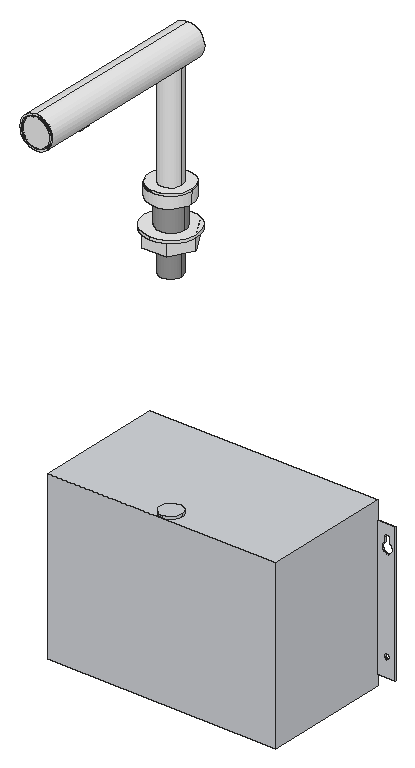
Revit family "DAN DRYER TAPS Airtap deck-mounted hand dryer touch-less 370", category Electrical Equipment, host Face, Revit 2018
Family settings
  Host = Face
  Panel Configuration = Two Columns, Circuits Across
  Round Connector Dimension = Use Diameter
  Part Type = Panelboard
  Cut with Voids When Loaded = Yes
  Shared = No
  Room Calculation Point = No
Parameters (values of type "AirTap deck-mounted 370")
  URL = "https://www.dandryer.com/en-us/products/dan-dryer-taps/370-airtap-deck-mounted-hand-dryer--touch-less"
  Plate thickness [instance] = 30 mm
  Model = "DAN DRYER AIRTAP DECK-MOUNTED HAND DRYER TOUCH-LESS 370"
  Manufacturer = "https://www.dandryer.com/"
  Enginebox Offset From Center [instance] = 0 mm
  EngineOffset [instance] = if(Enginebox Offset From Center < -20 mm, 0 mm, if(Enginebox Offset From Center > 20 mm, 40 mm, Enginebox Offset From Center + 20 mm))  # 20 mm
  Distance below deck [instance] = if(DistBelow < 300 mm, 300 mm, if(DistBelow > 320 mm, 320 mm, DistBelow))  # 300 mm
  Distance Center Vertical pipe - Backplate Engine [instance] = 135 mm
  DistBelow [instance] = 300 mm
  Default Elevation = 0 mm
Reference planes
  plane 1 "Center (Front/Back)": y = 0
  plane 2: z = 0
  plane 3 "Center (Left/Right)": x = 0
  plane 4 "Backplate": y = 135
  plane 5: x = -20
  plane 6 "top engine": z = -330
Dimensions and locks
  locked: plane 5 to plane 3 "Center (Left/Right)" at 20
  "DistBelow": nested 1 to plane 6 "top engine"
  "Distance below deck": nested 1 to nested 2
  "Distance Center Vertical pipe - Backplate Engine": plane 4 "Backplate" to plane 1 "Center (Front/Back)"
  "EngineOffset": plane 5 to nested 2
  aligned and locked: plane 2 to host face
  aligned and locked: level to host face
  aligned and locked: plane 1 "Center (Front/Back)" to nested 1
  aligned and locked: plane 3 "Center (Left/Right)" to nested 1
  aligned and locked: nested 2 to plane 4 "Backplate"
Automatic sketch dimensions
  host sketch curve to host sketch curve = 2438.4 mm  (x2)
Nested families
  nested 1: "Airflow deck" at (0, 0, 0), Offset <- "Plate thickness", type "Airflow deck"
    with Offset 30 mm
  nested 2: "Enginebox" at (0, 135, -416.5) x (1, 0, 0) z (0, -1, 0), type "Enginebox"
Connectors
  electrical at (104, 134, -401)
    settings: on nested 2, index 1, voltage 230 V, apparent load 0 VA, apparent load phase1 1000 VA, apparent load phase2 0 VA, apparent load phase3 0 VA, power factor 1, load classification "Other", number of poles 1, system type 31, power factor state 1, is connector primary yes, connector utility no, sub classification motor no, connector description ""
  electrical at (119, 125, -523)
    settings: on nested 2, index 2, voltage 230 V, apparent load 0 VA, apparent load phase1 1000 VA, apparent load phase2 0 VA, apparent load phase3 0 VA, power factor 1, load classification "Other", number of poles 1, system type 31, power factor state 1, is connector primary no, connector utility no, sub classification motor no, connector description ""
Definition of nested family "Airflow deck"
  Parameters (values of type "Airflow deck")
    Satin Stainless Steel = none
    Red Ring = none
    Offset [instance] = 30 mm
    Default Elevation = 0 mm
    Black Rubber = none
    Black = none
    Airpipe = none
  Reference planes
    plane 1 "Center (Front/Back)": y = 0
    plane 2: z = 0
    plane 3 "Center (Left/Right)": x = 0
    plane 4: x = 5
    plane 5: x = -5
    plane 6 "Start washer/nut": z = -30
    plane 7 "Rear edge": y = 25
    plane 8: z = 151
    plane 9 "Center tube": z = 151
  Forms (mm)
    Extrusion 1, solid
      sketch origin (0, 0, 0) x (1, 0, 0) y (0, 1, 0)
        loop
          line (-1219.2, 1219.2) -> (-1219.2, -1219.2) -> (1219.2, -1219.2) -> (1219.2, 1219.2) -> (-1219.2, 1219.2)
      from 0 to -304.8
    Extrusion 2, solid, material <- "Satin Stainless Steel"
      sketch origin (0, 0, 0) x (1, 0, 0) y (0, 1, 0)
        loop
          circle (0, 0) r 12.5
      from 0 to 151
    Extrusion 3, solid, material <- "Satin Stainless Steel"
      sketch origin (0, 0, 0) x (1, 0, 0) y (0, 1, 0)
        loop
          circle (0, 0) r 24.4
      from 0 to 15
    Extrusion 4, solid, material <- "Satin Stainless Steel"
      sketch origin (0, 0, 0) x (1, 0, 0) y (0, 1, 0)
        loop
          circle (0, 0) r 25
        loop
          circle (0, 0) r 24.5
      from 0 to 13
    Extrusion 5, solid, material <- "Black"
      sketch origin (0, 0, 0) x (1, 0, 0) y (0, 1, 0)
        loop
          circle (0, 0) r 16
      from 0 to -50
    Extrusion 6, solid, material <- "Satin Stainless Steel"
      sketch origin (0, 0, -30) x (0, 1, 0) y (-1, 0, 0)
        loop
          circle (0, 0) r 30
        loop
          circle (0, 0) r 16
      from 0 to -3
    Extrusion 7, solid, material <- "Satin Stainless Steel"
      sketch origin (0, 0, -30) x (0, 1, 0) y (-1, 0, 0)
        loop
          line (25.071, -13.897) -> (24.571, 14.764) -> (-0.5, 28.661) -> (-25.071, 13.897) -> (-24.571, -14.764) -> (0.5, -28.661) -> (25.071, -13.897)
        loop
          circle (0, 0) r 16
      from 0 to -18
    Extrusion 8, solid, material <- "Airpipe"
      sketch origin (0, 0, 0) x (1, 0, 0) y (0, 1, 0)
        loop
          circle (0, 0) r 12.5
      from 0 to -80
    Extrusion 9, solid, material <- "Satin Stainless Steel"
      sketch origin (0, 25, 0) x (0, 0, 1) y (-1, 0, 0)
        loop
          circle (151, 0) r 19
      from 0 to 220
    Extrusion 10, void
      sketch origin (0, 0, 151) x (0, 1, 0) y (-1, 0, 0)
        loop
          line (-100, 5) -> (-128, 5) -> (-128, 6.025)
          arc (-128, 6.025) -> (-128.871, 8.129) -> (-130.975, 9) r 2.975
          line (-130.975, 9) -> (-139, 9)
          arc (-139, 9) -> (-141.121, 8.121) -> (-142, 6) r 3
          line (-142, 6) -> (-142, 5) -> (-170, 5)
          arc (-170, 5) -> (-175, 0) -> (-170, -5) r 5
          line (-170, -5) -> (-142, -5) -> (-142, -6)
          arc (-142, -6) -> (-141.121, -8.121) -> (-139, -9) r 3
          line (-139, -9) -> (-131.017, -9)
          arc (-131.017, -9) -> (-128.884, -8.116) -> (-128, -5.983) r 3.017
          line (-128, -5.983) -> (-128, -5) -> (-100, -5)
          arc (-100, -5) -> (-95, 0) -> (-100, 5) r 5
      from -30 to 0
    Extrusion 11, solid, material <- "Black Rubber"
      sketch origin (0, 0, 151) x (0, 1, 0) y (-1, 0, 0)
        loop
          line (-129.802, -3.201) -> (-100.002, -3.201)
          arc (-100.002, -3.201) -> (-96.802, -0.001) -> (-100.002, 3.199) r 3.2
          line (-100.002, 3.199) -> (-129.802, 3.199) -> (-129.802, 6.025)
          arc (-129.802, 6.025) -> (-130.146, 6.855) -> (-130.976, 7.199) r 1.175
          line (-130.976, 7.199) -> (-139.002, 7.199)
          arc (-139.002, 7.199) -> (-139.85, 6.848) -> (-140.202, 5.999) r 1.2
          line (-140.202, 5.999) -> (-140.202, 3.199) -> (-170.002, 3.199)
          arc (-170.002, 3.199) -> (-173.202, -0.001) -> (-170.002, -3.201) r 3.2
          line (-170.002, -3.201) -> (-140.202, -3.201) -> (-140.202, -6.001)
          arc (-140.202, -6.001) -> (-139.85, -6.849) -> (-139.002, -7.201) r 1.2
          line (-139.002, -7.201) -> (-131.018, -7.201)
          arc (-131.018, -7.201) -> (-130.158, -6.844) -> (-129.802, -5.984) r 1.217
          line (-129.802, -5.984) -> (-129.802, -3.201)
        loop
          line (-128.502, -5.984) -> (-128.502, -4.501) -> (-100.002, -4.501)
          arc (-100.002, -4.501) -> (-95.502, -0.001) -> (-100.002, 4.499) r 4.5
          line (-100.002, 4.499) -> (-128.502, 4.499) -> (-128.502, 6.025)
          arc (-128.502, 6.025) -> (-129.226, 7.775) -> (-130.976, 8.499) r 2.475
          line (-130.976, 8.499) -> (-139.002, 8.499)
          arc (-139.002, 8.499) -> (-140.769, 7.767) -> (-141.502, 5.999) r 2.5
          line (-141.502, 5.999) -> (-141.502, 4.499) -> (-170.002, 4.499)
          arc (-170.002, 4.499) -> (-174.502, -0.001) -> (-170.002, -4.501) r 4.5
          line (-170.002, -4.501) -> (-141.502, -4.501) -> (-141.502, -6.001)
          arc (-141.502, -6.001) -> (-140.769, -7.768) -> (-139.002, -8.501) r 2.5
          line (-139.002, -8.501) -> (-131.018, -8.501)
          arc (-131.018, -8.501) -> (-129.239, -7.764) -> (-128.502, -5.984) r 2.517
      from 0 to -30
    Extrusion 12, void
      sketch origin (0, 0, 0) x (1, 0, 0) y (0, 0, 1)
        loop
          arc (15.778, 138.089) -> (1.216, 130.535) -> (-14.222, 136.079) r 20.5
          line (-14.222, 136.079) -> (-14.222, 98.089) -> (15.778, 98.089) -> (15.778, 138.089)
      from 180.442 to 90.503
    Extrusion 13, void
      sketch origin (0, 25, 0) x (0, 0, 1) y (-1, 0, 0)
        loop
          circle (151, 0) r 17.5
        loop
          circle (151, 0) r 16
      from 218 to 222
    Extrusion 14, solid, material <- "Red Ring"
      sketch origin (0, 25, 0) x (0, 0, 1) y (-1, 0, 0)
        loop
          circle (151, 0) r 17.5
        loop
          circle (151, 0) r 16
      from 218 to 219.5
  Cuts and joins
    Extrusion 12, Extrusion 13 cuts Extrusion 2
    Extrusion 12, Extrusion 13 cuts Extrusion 3
    Extrusion 10, Extrusion 12, Extrusion 13 cuts Extrusion 9
    joined: Extrusion 2, Extrusion 3, Extrusion 9
    joined: Extrusion 6, Extrusion 7
    Extrusion 12 cuts Extrusion 11
  Dimensions and locks
    plane 4 to plane 3 "Center (Left/Right)" = 5 mm
    plane 3 "Center (Left/Right)" to plane 5 = 5 mm
    "Offset": level to plane 6 "Start washer/nut"
    level to plane 8 = 151 mm
    plane 7 "Rear edge" to plane 1 "Center (Front/Back)" = 25 mm
    plane 9 "Center tube" to level = 151 mm
    radius of Extrusion 9 sketch curve = 19 mm
    aligned and locked: plane 2 to Extrusion 1
    aligned and locked: level to Extrusion 1
    aligned and locked: plane 9 "Center tube" to Extrusion 10
  Automatic sketch dimensions
    Extrusion 1 sketch curve to Extrusion 1 sketch curve = 2438.4 mm  (x2)
    plane 1 "Center (Front/Back)" to Extrusion 2 sketch curve = 0 mm
    Extrusion 2 sketch curve to plane 3 "Center (Left/Right)" = 0 mm
    plane 1 "Center (Front/Back)" to Extrusion 3 sketch curve = 0 mm
    Extrusion 3 sketch curve to plane 3 "Center (Left/Right)" = 0 mm
    Extrusion 4 sketch curve to Extrusion 4 sketch curve = 0 mm  (x2)
    plane 1 "Center (Front/Back)" to Extrusion 4 sketch curve = 0 mm
    Extrusion 4 sketch curve to plane 3 "Center (Left/Right)" = 0 mm
    plane 1 "Center (Front/Back)" to Extrusion 5 sketch curve = 0 mm
    Extrusion 5 sketch curve to plane 3 "Center (Left/Right)" = 0 mm
    plane 1 "Center (Front/Back)" to Extrusion 7 sketch curve = 0 mm
    Extrusion 7 sketch curve to plane 3 "Center (Left/Right)" = 0 mm
    plane 1 "Center (Front/Back)" to Extrusion 7 sketch curve = 0.5 mm
    plane 4 to Extrusion 7 sketch curve = 9.764 mm
    plane 1 "Center (Front/Back)" to Extrusion 7 sketch curve = 24.571 mm
    Extrusion 7 sketch curve to plane 5 = 8.897 mm
    plane 1 "Center (Front/Back)" to Extrusion 7 sketch curve = 25.071 mm
    Extrusion 7 sketch curve to plane 1 "Center (Front/Back)" = 0.5 mm
    Extrusion 7 sketch curve to plane 5 = 9.764 mm
    Extrusion 7 sketch curve to plane 1 "Center (Front/Back)" = 24.571 mm
    plane 4 to Extrusion 7 sketch curve = 8.897 mm
    Extrusion 7 sketch curve to plane 1 "Center (Front/Back)" = 25.071 mm
    plane 4 to Extrusion 7 sketch curve = 23.661 mm
    Extrusion 7 sketch curve to plane 5 = 23.661 mm
    Extrusion 6 sketch curve to Extrusion 6 sketch curve = 0 mm  (x2)
    plane 1 "Center (Front/Back)" to Extrusion 6 sketch curve = 0 mm
    Extrusion 6 sketch curve to plane 3 "Center (Left/Right)" = 0 mm
    plane 1 "Center (Front/Back)" to Extrusion 8 sketch curve = 0 mm
    Extrusion 8 sketch curve to plane 3 "Center (Left/Right)" = 0 mm
    Extrusion 9 sketch curve to plane 3 "Center (Left/Right)" = 0 mm
    Extrusion 9 sketch curve to plane 8 = 0 mm
    Extrusion 10 sketch curve to plane 4 = 0 mm  (x2)
    Extrusion 10 sketch curve to plane 5 = 0 mm  (x2)
    plane 1 "Center (Front/Back)" to Extrusion 10 sketch curve = 170 mm
    Extrusion 10 sketch curve to Extrusion 10 sketch curve = 28 mm  (x2)
    Extrusion 10 sketch curve to Extrusion 10 sketch curve = 0 mm
    Extrusion 10 sketch curve to plane 5 = 1 mm
    Extrusion 10 sketch curve to Extrusion 10 sketch curve = 3 mm  (x2)
    plane 4 to Extrusion 10 sketch curve = 1 mm
    plane 4 to Extrusion 10 sketch curve = 0.983 mm
    Extrusion 10 sketch curve to Extrusion 10 sketch curve = 7.983 mm
    Extrusion 10 sketch curve to Extrusion 10 sketch curve = 8.025 mm
    Extrusion 10 sketch curve to plane 5 = 1.025 mm
    Extrusion 11 sketch curve to Extrusion 11 sketch curve = 0 mm  (x14)
    Extrusion 11 sketch curve to plane 4 = 9.499 mm
    plane 1 "Center (Front/Back)" to Extrusion 11 sketch curve = 170.002 mm
    Extrusion 11 sketch curve to Extrusion 11 sketch curve = 28.5 mm  (x2)
    Extrusion 11 sketch curve to Extrusion 11 sketch curve = 1.3 mm  (x4)
    Extrusion 11 sketch curve to Extrusion 11 sketch curve = 1.2 mm  (x2)
    Extrusion 11 sketch curve to Extrusion 11 sketch curve = 7.983 mm
    Extrusion 11 sketch curve to Extrusion 11 sketch curve = 8.025 mm
    Extrusion 11 sketch curve to Extrusion 11 sketch curve = 1.175 mm
    Extrusion 11 sketch curve to Extrusion 11 sketch curve = 1.217 mm
    Extrusion 11 sketch curve to Extrusion 11 sketch curve = 3.2 mm  (x2)
    Extrusion 11 sketch curve to Extrusion 11 sketch curve = 1.483 mm
    Extrusion 11 sketch curve to Extrusion 11 sketch curve = 1.5 mm
    Extrusion 12 sketch curve to plane 5 = 9.222 mm
    Extrusion 12 sketch curve to plane 3 "Center (Left/Right)" = 0.154 mm
    Extrusion 12 sketch curve to plane 9 "Center tube" = 12.911 mm
    plane 4 to Extrusion 12 sketch curve = 10.778 mm
    Extrusion 12 sketch curve to Extrusion 12 sketch curve = 2.01 mm
    Extrusion 13 sketch curve to Extrusion 13 sketch curve = 0 mm  (x2)
    Extrusion 13 sketch curve to plane 3 "Center (Left/Right)" = 0 mm
    Extrusion 13 sketch curve to plane 9 "Center tube" = 0 mm
    Extrusion 14 sketch curve to Extrusion 14 sketch curve = 0 mm  (x2)
    Extrusion 14 sketch curve to plane 3 "Center (Left/Right)" = 0 mm
    Extrusion 14 sketch curve to plane 9 "Center tube" = 0 mm
    Extrusion 12 sketch curve to Extrusion 12 sketch curve = 40 mm
    radius of Extrusion 2 sketch curve = 12.5 mm
    radius of Extrusion 3 sketch curve = 24.4 mm
    radius of Extrusion 4 sketch curve = 25 mm
    radius of Extrusion 4 sketch curve = 24.5 mm
    radius of Extrusion 5 sketch curve = 16 mm
    radius of Extrusion 7 sketch curve = 16 mm
    radius of Extrusion 6 sketch curve = 30 mm
    radius of Extrusion 6 sketch curve = 16 mm
    radius of Extrusion 8 sketch curve = 12.5 mm
    radius of Extrusion 13 sketch curve = 17.5 mm
    radius of Extrusion 13 sketch curve = 16 mm
    radius of Extrusion 14 sketch curve = 17.5 mm
    radius of Extrusion 14 sketch curve = 16 mm
Definition of nested family "Enginebox"
  Parameters (values of type "Enginebox")
    Intake = none
    Engine_Shield = none
    Default Elevation = 1219.2 mm
    Airpipe = none
  Reference planes
    plane 1 "Center (Front/Back)": y = 0
    plane 2: z = 0
    plane 3 "Center (Left/Right)": x = 0
    plane 4: y = 52.5
    plane 5: y = -71.5
    plane 6: x = -144.5
    plane 7: x = 144.5
    plane 8: x = 104
    plane 9: y = 15.5
    plane 10: x = 104
    plane 11: y = 15.5
    plane 12: z = 10
    plane 13: x = 119
  Forms (mm)
    Extrusion 1, solid
      sketch origin (0, 0, 0) x (1, 0, 0) y (0, 1, 0)
        loop
          line (-1219.2, 1219.2) -> (-1219.2, -1219.2) -> (1219.2, -1219.2) -> (1219.2, 1219.2) -> (-1219.2, 1219.2)
      from 0 to -304.8
    Extrusion 2, solid, material <- "Engine_Shield"
      sketch origin (0, 0, 0) x (1, 0, 0) y (0, 1, 0)
        loop
          line (-132, 86.5) -> (-132, -106.5) -> (132, -106.5) -> (132, 86.5) -> (-132, 86.5)
      from 0 to 148
    Extrusion 3, solid, material <- "Engine_Shield"
      sketch origin (0, 0, 0) x (1, 0, 0) y (0, 1, 0)
        loop
          line (-153, 66.437) -> (-153, -93.563) -> (153, -93.563) -> (153, 66.437) -> (-153, 66.437)
        loop
          circle (-144.5, -71.5) r 3
        loop
          arc (-141.502, 52.605) -> (-144.552, 55.5) -> (-147.5, 52.5) r 3
          line (-147.5, 52.5) -> (-147.5, 46.639)
          arc (-147.5, 46.639) -> (-144.499, 35.443) -> (-141.502, 46.64) r 6
          line (-141.502, 46.64) -> (-141.502, 52.605)
        loop
          arc (147.5, 52.5) -> (144.5, 55.5) -> (141.5, 52.5) r 3
          line (141.5, 52.5) -> (141.5, 46.639)
          arc (141.5, 46.639) -> (144.5, 35.443) -> (147.5, 46.639) r 6
          line (147.5, 46.639) -> (147.5, 52.5)
        loop
          circle (144.5, -71.5) r 3
        loop
          circle (104, 15.5) r 8
      from 0 to 1
    Extrusion 4, void
      sketch origin (0, 0, 0) x (1, 0, 0) y (0, 1, 0)
        loop
          line (-131, 85.5) -> (-131, -105.5) -> (131, -105.5) -> (131, 85.5) -> (-131, 85.5)
      from 0 to 147
    Extrusion 5, void
      sketch origin (0, 0, 0) x (1, 0, 0) y (0, 0, 1)
        loop
          circle (54.286, 66.526) r 60
      from 0 to 500
    Extrusion 6, solid, material <- "Intake"
      sketch origin (0, 0, 0) x (1, 0, 0) y (0, 0, 1)
        loop
          circle (54.286, 66.526) r 60
        loop
          circle (54.286, 66.526) r 59
      from 106.5 to 115.57
    Extrusion 7, void
      sketch origin (0, 0, 0) x (1, 0, 0) y (0, 0, 1)
        loop
          arc (127, 10) -> (119, 18) -> (111, 10) r 8
          line (111, 10) -> (111, 0) -> (127, 0) -> (127, 10)
      from 105.5 to 106.5
    Extrusion 8, solid
      sketch origin (0, 0, 0) x (1, 0, 0) y (0, 0, 1)
        loop
          circle (119, 10) r 8
      from 105.5 to 106.5
    Extrusion 9, solid
      sketch origin (0, 0, 0) x (1, 0, 0) y (0, 1, 0)
        loop
          circle (104, 15.5) r 8
      from 0 to 1
    Extrusion 10, solid, material <- "Airpipe"
      sketch origin (0, 0, 0) x (1, 0, 0) y (0, 0, 1)
        loop
          circle (0, 134.141) r 12.5
      from -88.844 to -86.5
  Cuts and joins
    Extrusion 4, Extrusion 5, Extrusion 7 cuts Extrusion 2
    Extrusion 7 cuts Extrusion 3
    joined: Extrusion 2, Extrusion 3
  Dimensions and locks
    aligned and locked: plane 2 to Extrusion 1
    aligned and locked: level to Extrusion 1
